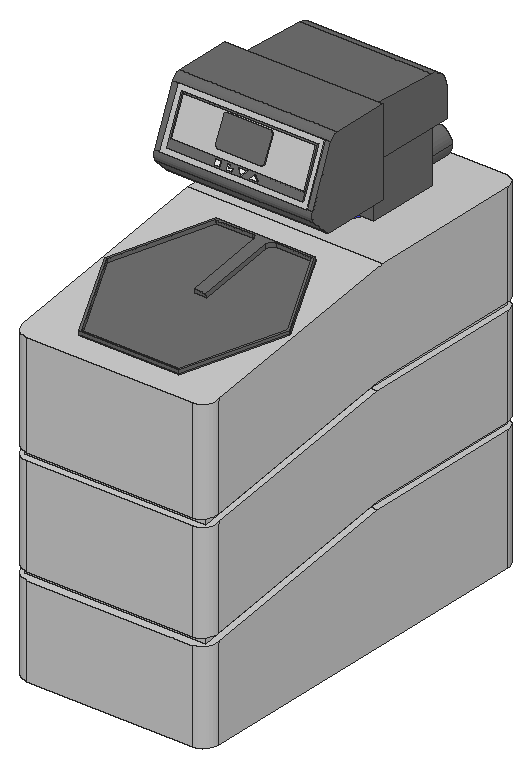
Revit family "QF_COMENDA_640251", category Attrezzature speciali, Revit 2019
Family settings
  Quota connettore circolare = Usa diametro
  Tipo di parte = Normale
  Numero OmniClass = 23.40.40.14
  Titolo OmniClass = Food Service Equipment
  Basato su piano di lavoro = No
  Sempre verticale = Sì
  Taglio con vuoti quando caricato = No
  Condiviso = No
  Punto di calcolo locali = No
Parameters (values of type "640251")
  URL catalogo = "https://www.comenda.eu/site/assets/files/2661/trattamento_acque.pdf"
  URL = "www.comenda.eu"
  Tensione = 230 V
  Temperatura raccomandata per acqua fredda = 20 °C
  Show Logo [instance] = yes
  Show Clearance [instance] = yes
  Profondità = 400 mm
  Pressione massima acqua fredda = 5000.0 Pa
  Potenza elettrica = 10 W
  Pessione minima acqua fredda = 1800.0 Pa
  Peso netto = 8.00 kg
  Numero dei poli = 1
  Modello = "640251"
  Produttore = "COMENDA"
  Lunghezza = 200 mm
  Frequenza = 50 Hz
  Fase = 1
  Descrizione = "CS05 SOFTENER - 406L TREATED VOLUME AT 40° F - TO BE COMBINED WITH PRIME, HI-LINE MODELS"
  Codice assieme = "E1090320"
  Altezza = 480 mm
Reference planes
  plane 1 "Back": y = 0
  plane 2: z = 0
  plane 3 "Left": x = 0
  plane 4 "Right": x = 200
  plane 5 "Front": y = -400
  plane 6 "Top": z = 480
Forms (mm)
  Extrusion 1, solid
    sketch origin (0, 0, 0) x (0, 1, 0) y (0, 0, 1)
      loop
        line (0, 350.5) -> (-175.526, 350.5) -> (-400, 315.455) -> (-400, 210.455) -> (-181.931, 244.5) -> (0, 244.5) -> (0, 350.5)
      loop
        line (0, 236.5) -> (-181.31, 236.5) -> (-400, 202.358) -> (-400, 100.955) -> (-181.931, 135) -> (0, 135) -> (0, 236.5)
      loop
        line (0, 127) -> (-181.31, 127) -> (-400, 92.858) -> (-400, 0) -> (0, 0) -> (0, 127)
    from 0 to 200
  Extrusion 2, solid
    sketch origin (0, 0, 7) x (0, 1, 0) y (0, 0, 1)
      loop
        line (-7, 229.5) -> (-7, 237.5) -> (-181.931, 237.5) -> (-393, 204.548) -> (-393, 196.451) -> (-181.31, 229.5) -> (-7, 229.5)
      loop
        line (-181.931, 128) -> (-393, 95.048) -> (-393, 86.951) -> (-181.31, 120) -> (-7, 120) -> (-7, 128) -> (-181.931, 128)
    from 7 to 193
  Extrusion 3, solid
    sketch origin (0, 0, 350.522) x (1, 0, 0) y (0, 1, 0)
      loop
        circle (100, -110.944) r 42
    from 0 to 9
  Extrusion 4, solid
    sketch origin (0, 0, 359.522) x (1, 0, 0) y (0, 1, 0)
      loop
        circle (100, -110.944) r 42
    from 0 to 7
  Extrusion 5, solid
    sketch origin (0, 0, 20.522) x (0, 1, 0) y (0, 0, 1)
      loop
        line (-73.944, 404) -> (-147.944, 404) -> (-147.944, 346) -> (-73.944, 346) -> (-73.944, 404)
    from 39 to 169
  Extrusion 6, solid
    sketch origin (0, 0, 20.522) x (0, 1, 0) y (0, 0, 1)
      loop
        line (-60.944, 404) -> (-60.944, 433.718)
        arc (-60.944, 433.718) -> (-66.477, 447.527) -> (-80.013, 453.696) r 20
        line (-80.013, 453.696) -> (-150.944, 457) -> (-150.944, 404) -> (-60.944, 404)
    from 39 to 174
  Extrusion 7, solid
    sketch origin (0, 0, 20.522) x (0, 1, 0) y (0, 0, 1)
      loop
        line (-150.944, 459.478) -> (-208.82, 459.478)
        arc (-208.82, 459.478) -> (-214.295, 457.846) -> (-217.983, 453.482) r 10
        line (-217.983, 453.482) -> (-241.41, 399.865)
        arc (-241.41, 399.865) -> (-242.092, 394.114) -> (-239.473, 388.95) r 10
        line (-239.473, 388.95) -> (-225.175, 373.999)
        arc (-225.175, 373.999) -> (-221.877, 371.716) -> (-217.948, 370.911) r 10
        line (-217.948, 370.911) -> (-150.944, 370.911) -> (-150.944, 459.478)
    from 19 to 181
  Extrusion 8, solid
    sketch origin (0, -31.944, 20.522) x (1, 0, 0) y (0, 0, 1)
      loop
        circle (61.657, 362) r 11
    from -16 to 42
  Extrusion 9, solid
    sketch origin (0, -31.944, 20.522) x (1, 0, 0) y (0, 0, 1)
      loop
        circle (100, 361) r 15
    from 0 to 42
  Extrusion 10, solid
    sketch origin (0, -31.944, 20.522) x (1, 0, 0) y (0, 0, 1)
      loop
        circle (141.644, 361) r 15
    from 0 to 42
  Extrusion 11, solid
    sketch origin (0, 0, 20.522) x (0, 1, 0) y (0, 0, 1)
      loop
        line (-216.334, 452.761) -> (-218.167, 453.562) -> (-241.593, 399.945) -> (-239.76, 399.144) -> (-216.334, 452.761)
    from 25 to 175
  Extrusion 12, solid
    sketch origin (-587.029, -456.299, -75.686) x (1, 0, 0) y (0, 0.400373, 0.916352)
      loop
        line (617.029, 594.124) -> (617.029, 545.613) -> (757.029, 545.613) -> (757.029, 594.124) -> (617.029, 594.124)
      loop
        line (618.529, 592.624) -> (618.529, 553.613) -> (755.529, 553.613) -> (755.529, 592.624) -> (618.529, 592.624)
    from 0 to 2
  Extrusion 13, solid
    sketch origin (-587.029, -458.868, -81.566) x (1, 0, 0) y (0, 0.400373, 0.916352)
      loop
        arc (665.029, 597.041) -> (662.908, 596.162) -> (662.029, 594.041) r 3
        line (662.029, 594.041) -> (662.029, 570.041)
        arc (662.029, 570.041) -> (662.908, 567.919) -> (665.029, 567.041) r 3
        line (665.029, 567.041) -> (709.029, 567.041)
        arc (709.029, 567.041) -> (711.15, 567.919) -> (712.029, 570.041) r 3
        line (712.029, 570.041) -> (712.029, 594.041)
        arc (712.029, 594.041) -> (711.15, 596.162) -> (709.029, 597.041) r 3
        line (709.029, 597.041) -> (665.029, 597.041)
    from 0 to 2
  Extrusion 14, solid
    sketch origin (-587.029, -448.291, -57.359) x (1, 0, 0) y (0, 0.400373, 0.916352)
      loop
        line (683.279, 529.613) -> (679.779, 529.613) -> (679.779, 532.113) -> (678.279, 532.113) -> (678.279, 527.113) -> (683.279, 527.113) -> (683.279, 529.613)
      loop
        line (693.279, 527.113) -> (697.474, 532.113) -> (689.083, 532.113) -> (693.279, 527.113)
      loop
        line (705.779, 532.113) -> (701.583, 527.113) -> (709.974, 527.113) -> (705.779, 532.113)
      loop
        line (665.779, 532.113) -> (665.779, 527.113) -> (670.779, 527.113) -> (670.779, 532.113) -> (665.779, 532.113)
    from 0.2 to 2.2
  Extrusion 15, void
    sketch origin (0, 0, 0) x (1, 0, 0) y (0, 1, 0)
      loop
        line (0, -385) -> (-5, -385) -> (-5, -406.791) -> (15, -406.791) -> (15, -400)
        arc (15, -400) -> (4.393, -395.607) -> (0, -385) r 15
      loop
        arc (200, -385) -> (195.607, -395.607) -> (185, -400) r 15
        line (185, -400) -> (185, -406.791) -> (205, -406.791) -> (205, -385) -> (200, -385)
      loop
        arc (0, -15) -> (4.393, -4.393) -> (15, 0) r 15
        line (15, 0) -> (15, 6.791) -> (-5, 6.791) -> (-5, -15) -> (0, -15)
      loop
        line (200, -15) -> (205, -15) -> (205, 6.791) -> (185, 6.791) -> (185, 0)
        arc (185, 0) -> (195.607, -4.393) -> (200, -15) r 15
    from 0 to 359.522
  Extrusion 16, solid
    sketch origin (-350.418, 313.562, 376.273) x (1, 0, 0) y (0, 0.988032, 0.154252)
      loop
        line (399.264, -689.4) -> (501.579, -689.4) -> (545.418, -600.803) -> (501.578, -512.207) -> (399.284, -512.207) -> (355.418, -600.803) -> (399.264, -689.4)
      loop
        line (400.526, -514.207) -> (357.65, -600.804) -> (400.506, -687.4) -> (500.337, -687.4) -> (543.187, -600.803) -> (500.336, -514.207) -> (462.431, -514.207)
        arc (462.431, -514.207) -> (458.188, -515.964) -> (456.431, -520.207) r 6
        line (456.431, -520.207) -> (456.431, -596.307) -> (444.431, -596.307) -> (444.431, -520.207)
        arc (444.431, -520.207) -> (442.674, -515.964) -> (438.431, -514.207) r 6
        line (438.431, -514.207) -> (400.526, -514.207)
    from 50 to 54
  Extrusion 17, solid
    sketch origin (-350.418, 294.079, 371.409) x (1, 0, 0) y (0, 0.988032, 0.154252)
      loop
        line (399.264, -669.4) -> (501.579, -669.4) -> (545.418, -580.803) -> (501.578, -492.207) -> (399.284, -492.207) -> (355.418, -580.803) -> (399.264, -669.4)
    from 50 to 52
Cuts and joins
  Extrusion 15 cuts Extrusion 1
Lines and regions (mm)
  symbolic lines, style "200-EquipBorder-2D"
    curve 1: line (185, 0, 0) -> (15, 0, 0)
    curve 2: line (0, -15, 0) -> (0, -385, 0)
    curve 3: line (200, -385, 0) -> (200, -15, 0)
    curve 4: line (15, -400, 0) -> (185, -400, 0)
    curve 29: arc (0, -15, 0) -> (4.393, -4.393, 0) -> (15, 0, 0) r 15
    curve 30: arc (185, 0, 0) -> (195.607, -4.393, 0) -> (200, -15, 0) r 15
    curve 31: arc (0, -385, 0) -> (4.393, -395.607, 0) -> (15, -400, 0) r 15
    curve 32: arc (185, -400, 0) -> (195.607, -395.607, 0) -> (200, -385, 0) r 15
  symbolic lines, style "200-EquipInternal-2D"
    curve 5: line (48.846, -375.916, 0) -> (151.16, -375.916, 0)
    curve 6: line (5, -288.38, 0) -> (48.846, -375.916, 0)
    curve 7: line (151.16, -375.916, 0) -> (195, -288.38, 0)
    curve 8: line (28.118, -242.246, 0) -> (5, -288.38, 0)
    curve 9: line (195, -288.38, 0) -> (171.895, -242.246, 0)
    curve 10: line (94.013, -242.246, 0) -> (94.013, -283.937, 0)
    curve 11: line (94.013, -283.937, 0) -> (106.013, -283.937, 0)
    curve 12: line (106.013, -283.937, 0) -> (106.013, -242.246, 0)
    curve 13: line (19, -150.944, 0) -> (19, -242.246, 0)
    curve 14: line (181, -150.944, 0) -> (19, -150.944, 0)
    curve 15: line (181, -242.246, 0) -> (181, -150.944, 0)
    curve 16: line (39, -60.944, 0) -> (39, -150.944, 0)
    curve 17: line (174, -60.944, 0) -> (39, -60.944, 0)
    curve 18: line (174, -150.944, 0) -> (174, -60.944, 0)
    curve 19: line (72.657, -15.944, 0) -> (50.657, -15.944, 0)
    curve 20: line (115, -31.944, 0) -> (85, -31.944, 0)
    curve 21: line (156.644, -31.944, 0) -> (126.644, -31.944, 0)
    curve 22: line (50.657, -15.944, 0) -> (50.657, -60.944, 0)
    curve 23: line (72.657, -15.944, 0) -> (72.657, -60.944, 0)
    curve 24: line (85, -31.944, 0) -> (85, -60.944, 0)
    curve 25: line (115, -31.944, 0) -> (115, -60.944, 0)
    curve 26: line (126.644, -31.944, 0) -> (126.644, -60.944, 0)
    curve 27: line (156.644, -31.944, 0) -> (156.644, -60.944, 0)
    curve 28: line (19, -242.246, 0) -> (181, -242.246, 0)
Dimensions and locks
  plane 3 "Left" to plane 4 "Right" = 200 mm
  plane 5 "Front" to plane 1 "Back" = 400 mm
  plane 6 "Top" to level = 480 mm
  aligned and locked: level to plane 2
